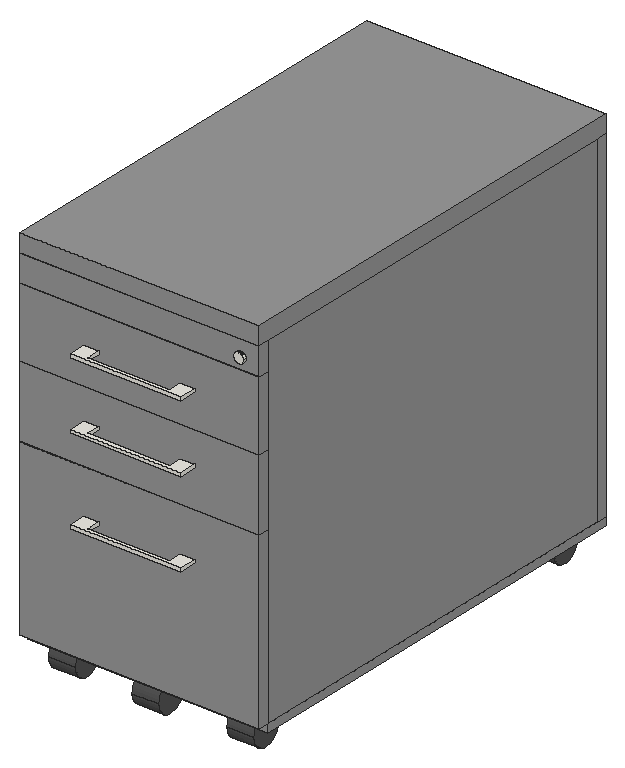
Revit family "Haworth_Epure_Pedestal_DeskHeightIndependent_EU_PRELIMINARY", category Furniture, Revit 2019
Family settings
  OmniClass Number = 23.40.70.14.64.11
  OmniClass Title = Office Furniture
  Work Plane-Based = No
  Always vertical = Yes
  Cut with Voids When Loaded = No
  Shared = No
  Room Calculation Point = No
Parameters (values of type "3 Drawers with Pen Tray")
  without Pull = not(with Pull)  # no
  with Pull = and(or(Handle 1, Handle 2, Metal Handle))  # yes
  Warranty = "http://www.haworth.com/resources/product-info/warranties"
  URL - Product = "https://www.haworth.com/eu/en/products/office-desks/epure-01.html"
  Type Comments = ""
  URL = "https://www.haworth.com/eu/en.html"
  Trim Finish = Haworth _ Paint _ Smooth Plaster
  Squared Top = not(Rounded Top)  # yes
  Size = "Verify Final Dim.w/ Haworth"  # constant formula
  Simple Drawer = 32cm = yes
  Simple Drawer = 32 cm  # constant formula
  Rounded Top = no
  Revision Number = "1"  # constant formula
  Pen Drawer = 5cm = yes
  Pen Drawer = 5 cm  # constant formula
  Pedestal Finish [instance] = Haworth _ Laminate _ Undecided _ Pedestal
  Model = "EUHP08F3XX"  # constant formula
  Metal Handle = yes
  Manufacturer = "Haworth"  # constant formula
  Handle 2 = no
  Handle 1 = no
  Glide Finish = Haworth _ Polymer _ Black
  Front Finish [instance] = Haworth _ Laminate _ Undecided _ Pedestal
  Filing Drawer Large = 18 cm  # constant formula
  Filing Drawer = 19cm = no
  Filing Drawer = 16cm = no
  Filing Drawer = 13cm = yes
  Filing Drawer Medium = 12 cm  # constant formula
  Filing Drawer Small = 13 cm  # constant formula
  Filing Drawer = 12cm = yes
  Description = "Haworth - Epure - Desk Height Independent Pedestal"  # constant formula
  Author = "Haworth (Abd Rahman)"  # constant formula
  Assembly Code = "E2020200"
  Actual Width = 44.2 cm  # constant formula
  Actual Height = 73.1 cm  # constant formula
  Actual Depth = 80 cm  # constant formula
Types (2, lengths in cm): name | Trim Finish | Pen Drawer = 5cm | Metal Handle | Handle 2 | Filing Drawer = 16cm | Filing Drawer = 12cm
  3 Drawers without Pen Tray | Haworth _ Polymer _ Undecided | no | no | yes | yes | no
  3 Drawers with Pen Tray | Haworth _ Paint _ Smooth Plaster | yes | yes | no | no | yes
Reference planes (cm)
  plane 1 "Center F/B": y = 17.4526
  plane 2: z = 0
  plane 3 "Center L/R": x = 11.43
  plane 4 "Top": z = 73.1
  plane 5 "Left": x = -10.67
  plane 6 "Right": x = 33.53
  plane 7 "Back": y = 57.4526
  plane 8 "Front": y = -22.5474
  plane 9: y = -20.6474
  plane 10: y = 55.5526
  plane 11: x = 31.63
  plane 12: x = -8.77
  plane 13: z = 6.5
  plane 14: y = -9.9474
  plane 15: y = -17.9453
  plane 16: z = 2.7019
  plane 17: x = 8.53
  plane 18: x = 13.53
  plane 19: z = 38.5
  plane 20: y = 1.0707
  plane 21: y = 41.0346
  plane 22: z = 66.8423
  plane 23: y = -22.9792
  plane 24: z = 69.8
  plane 25: z = 54.5935
  plane 26: z = 38.5
  plane 27: x = 30.1375
  plane 28: z = 49.5935
  plane 29: z = 38.8
  plane 30: z = 64.8
  plane 31: z = 54.5935
  plane 32: y = 52.0393
  plane 33: y = -17.134
  plane 34: z = 2.7019
  plane 35: y = 52.0393
  plane 36: y = -17.134
  plane 37: z = 2.7019
  plane 38: z = 4.9511
  plane 39: z = 45.7511
  plane 40: z = 29.9979
  plane 41: z = 69.8
  plane 42: z = 64.8
  plane 43: z = 58.3
Forms (cm)
  Extrusion 1, solid, material "Haworth _ Laminate _ Undecided _ Pedestal" <- "Pedestal Finish"
    sketch origin (0, 0, 0) x (1, 0, 0) y (0, 1, 0)
      loop
        line (-10.67, 57.4526) -> (-10.67, 55.5526) -> (33.53, 55.5526) -> (33.53, 57.4526) -> (-10.67, 57.4526)
    from 6.5 to 69.8
  Extrusion 2, solid, material "Haworth _ Laminate _ Undecided _ Pedestal" <- "Pedestal Finish"
    sketch origin (0, 0, 0) x (1, 0, 0) y (0, 1, 0)
      loop
        line (-10.67, 55.5526) -> (-10.67, -20.6474) -> (33.53, -20.6474) -> (33.53, 55.5526) -> (-10.67, 55.5526)
    from 6.5 to 69.8
  Extrusion 3, solid, material "Haworth _ Polymer _ Black" <- "Glide Finish"
    sketch origin (11.43, 0, 0) x (0, 1, 0) y (0, 0, 1)
      loop
        circle (-17.9453, 2.7019) r 2.7
    from -2.9 to 2.1
  Extrusion 4, solid, material "Haworth _ Paint _ Smooth Plaster" <- "Trim Finish"
    sketch origin (18.4075, -22.5474, -2.4912) x (-1, 0, 0) y (0, 0, 1)
      loop
        circle (-11.73, 69.3336) r 0.92
    from -0.4319 to 0
  Extrusion 5, solid, material "Haworth _ Laminate _ Undecided _ Pedestal" <- "Pedestal Finish", visible <- "Squared Top"
    sketch origin (0, 0, 0) x (1, 0, 0) y (0, 1, 0)
      loop
        line (-10.67, 57.4526) -> (-10.67, -22.5474) -> (33.53, -22.5474) -> (33.53, 57.4526) -> (-10.67, 57.4526)
    from 69.8 to 73.1
  Extrusion 6, solid, material "Haworth _ Laminate _ Undecided _ Pedestal" <- "Front Finish", visible <- "Simple Drawer = 32cm"
    sketch origin (7, -22.5474, 0) x (-1, 0, 0) y (0, 0, 1)
      loop
        line (17.67, 38.5) -> (-26.53, 38.5) -> (-26.53, 6.5) -> (17.67, 6.5) -> (17.67, 38.5)
    from 0 to 1.9
  Extrusion 7, solid, material "Haworth _ Laminate _ Undecided _ Pedestal" <- "Front Finish", visible <- "Pen Drawer = 5cm"
    sketch origin (-6.5, -22.5474, 39.5444) x (-1, 0, 0) y (0, 0, 1)
      loop
        line (4.17, 30.2556) -> (-40.03, 30.2556) -> (-40.03, 25.2556) -> (4.17, 25.2556) -> (4.17, 30.2556)
    from 0 to 1.9
  Extrusion 8, solid, material "Haworth _ Laminate _ Undecided _ Pedestal" <- "Front Finish", visible <- "Filing Drawer = 13cm"
    sketch origin (33.9075, -22.5474, 26.6023) x (-1, 0, 0) y (0, 0, 1)
      loop
        line (44.5775, 25.1977) -> (0.3775, 25.1977) -> (0.3775, 11.9912) -> (44.5775, 11.9912) -> (44.5775, 25.1977)
    from 0 to 1.9
  Extrusion 9, solid, material "Haworth _ Polymer _ Black" <- "Glide Finish"
    sketch origin (27.531, 48.9846, 0) x (0, 1, 0) y (0, 0, -1)
      loop
        circle (3.0547, -2.7019) r 2.7
      loop
        circle (-66.1187, -2.7019) r 2.7
    from -2.9 to 2.1
  Extrusion 10, solid, material "Haworth _ Polymer _ Black" <- "Glide Finish"
    sketch origin (-4.671, 48.9846, 0) x (0, 1, 0) y (0, 0, 1)
      loop
        circle (3.0547, 2.7019) r 2.7
      loop
        circle (-66.1187, 2.7019) r 2.7
    from -2.9 to 2.1
  Extrusion 11, solid, material "Haworth _ Laminate _ Undecided _ Pedestal" <- "Pedestal Finish"
    sketch origin (18.4075, -22.5474, -2.4912) x (-1, 0, 0) y (0, 0, 1)
      loop
        line (29.0775, 8.9912) -> (-15.1225, 8.9912) -> (-15.1225, 7.4424) -> (29.0775, 7.4424) -> (29.0775, 8.9912)
    from 1.9 to 80
  Extrusion 12, solid, material "Haworth _ Laminate _ Undecided _ Pedestal" <- "Front Finish", visible <- "Filing Drawer = 16cm"
    sketch origin (26.9075, -22.5474, 39.8088) x (-1, 0, 0) y (0, 0, 1)
      loop
        line (37.5775, 29.9912) -> (-6.6225, 29.9912) -> (-6.6225, 11.9912) -> (37.5775, 11.9912) -> (37.5775, 29.9912)
    from 0 to 1.9
  Extrusion 13, solid, material "Haworth _ Laminate _ Undecided _ Pedestal" <- "Pedestal Finish", visible <- "Rounded Top"
    sketch origin (0, 0, 0) x (1, 0, 0) y (0, 1, 0)
      loop
        line (39.93, -16.8224) -> (39.93, 53.6276)
        arc (39.93, 53.6276) -> (38.1726, 57.8703) -> (33.93, 59.6276) r 6
        line (33.93, 59.6276) -> (-11.07, 59.6276)
        arc (-11.07, 59.6276) -> (-15.3126, 57.8703) -> (-17.07, 53.6276) r 6
        line (-17.07, 53.6276) -> (-17.07, -16.8224)
        arc (-17.07, -16.8224) -> (-15.3126, -21.065) -> (-11.07, -22.8224) r 6
        line (-11.07, -22.8224) -> (33.93, -22.8224)
        arc (33.93, -22.8224) -> (38.1726, -21.065) -> (39.93, -16.8224) r 6
    from 69.8 to 73.1
  Extrusion 14, solid, material "Haworth _ Laminate _ Undecided _ Pedestal" <- "Front Finish", visible <- "Filing Drawer = 12cm"
    sketch origin (15.9075, -22.5474, 39.8088) x (-1, 0, 0) y (0, 0, 1)
      loop
        line (26.5775, 24.9912) -> (-17.6225, 24.9912) -> (-17.6225, 11.9912) -> (26.5775, 11.9912) -> (26.5775, 24.9912)
    from 0 to 1.9
Lines and regions (cm)
  Masking region 1
    outline origin (0, 0, 0) x (1, 0, 0) y (0, 1, 0)
      loop
        line (-10.67, 57.4526) -> (-10.67, -22.5474) -> (33.53, -22.5474) -> (33.53, 57.4526) -> (-10.67, 57.4526)
      loop
        line (-8.77, 55.5526) -> (-8.77, -20.6474) -> (31.63, -20.6474) -> (31.63, 55.5526) -> (-8.77, 55.5526)
  Masking region 2, visible <- "Rounded Top"
    outline origin (0, 0, 0) x (1, 0, 0) y (0, 1, 0)
      loop
        line (39.93, -16.8224) -> (39.93, 53.6276)
        arc (39.93, 53.6276) -> (38.1726, 57.8703) -> (33.93, 59.6276) r 6
        line (33.93, 59.6276) -> (-11.07, 59.6276)
        arc (-11.07, 59.6276) -> (-15.3126, 57.8703) -> (-17.07, 53.6276) r 6
        line (-17.07, 53.6276) -> (-17.07, -16.8224)
        arc (-17.07, -16.8224) -> (-15.3126, -21.065) -> (-11.07, -22.8224) r 6
        line (-11.07, -22.8224) -> (33.93, -22.8224)
        arc (33.93, -22.8224) -> (38.1726, -21.065) -> (39.93, -16.8224) r 6
Dimensions and locks (cm)
  equal spacing: plane 7 "Back", plane 1 "Center F/B", plane 8 "Front"
  "Actual Depth": plane 7 "Back" to plane 8 "Front"
  equal spacing: plane 5 "Left", plane 3 "Center L/R", plane 6 "Right"
  "Actual Width": plane 5 "Left" to plane 6 "Right"
  locked: plane 9 to plane 8 "Front" at 1.9
  plane 10 to plane 7 "Back" = 1.9 cm
  locked: plane 11 to plane 6 "Right" at 1.9
  locked: plane 5 "Left" to plane 12 at 1.9
  locked: plane 9 to plane 14 at 10.7
  locked: plane 8 "Front" to plane 15 at 4.602
  locked: plane 2 to plane 16 at 2.7019
  plane 18 to plane 3 "Center L/R" to plane 17 = 2.1 cm locked, 2.9 cm locked
  locked: plane 7 "Back" to plane 21 at 16.418
  locked: plane 8 "Front" to plane 20 at 23.6181
  plane 4 "Top" to plane 22 = 6.2577 cm
  locked: plane 23 to plane 8 "Front" at 0.4319
  locked: plane 13 to plane 2 at 6.5
  "Actual Height": plane 4 "Top" to plane 2
  locked: plane 4 "Top" to plane 24 at 3.3
  "Simple Drawer": plane 26 to plane 13
  "Pen Drawer": Extrusion 7 sketch curve to Extrusion 7 sketch curve
  locked: plane 4 "Top" to plane 22 at 6.2577
  locked: plane 27 to plane 6 "Right" at 3.3925
  "Simple Drawer": plane 19 to plane 13
  plane 29 to plane 19 = 0.3 cm
  locked: plane 32 to plane 7 "Back" at 5.4133
  locked: plane 8 "Front" to plane 33 at 5.4133
  locked: plane 2 to plane 34 at 2.7019
  locked: plane 2 to plane 37 at 2.7019
  locked: plane 35 to plane 7 "Back" at 5.4133
  locked: plane 8 "Front" to plane 36 at 5.4133
  "Pen Drawer": plane 24 to plane 30
  "Filing Drawer Large": plane 41 to Extrusion 8
  "Filing Drawer Small": plane 42 to Extrusion 12
  plane 2 to plane 40 to plane 39 to plane 43 = 29.9979 cm locked, 15.7533 cm locked, 12.5489 cm locked
  aligned and locked: Extrusion 1 sketch curve to plane 10
  aligned and locked: Extrusion 1 sketch curve to plane 6 "Right"
  aligned and locked: Extrusion 1 sketch curve to plane 7 "Back"
  aligned and locked: plane 5 "Left" to Extrusion 1 sketch curve
  aligned and locked: plane 13 to Extrusion 1
  aligned and locked: plane 10 to Extrusion 2 sketch curve
  aligned and locked: plane 9 to Extrusion 2 sketch curve
  aligned and locked: plane 15 to Extrusion 3 sketch curve
  aligned and locked: plane 16 to Extrusion 3 sketch curve
  aligned and locked: Extrusion 3 to plane 17
  aligned and locked: plane 18 to Extrusion 3
  aligned and locked: plane 22 to Extrusion 4 sketch curve
  aligned and locked: plane 8 "Front" to Extrusion 4
  aligned and locked: plane 23 to Extrusion 4
  aligned and locked: Masking region 1 sketch curve to plane 6 "Right"
  aligned and locked: Masking region 1 sketch curve to plane 7 "Back"
  aligned and locked: plane 5 "Left" to Masking region 1 sketch curve
  aligned and locked: plane 8 "Front" to Masking region 1 sketch curve
  aligned and locked: Masking region 1 sketch curve to plane 11
  aligned and locked: plane 9 to Masking region 1 sketch curve
  aligned and locked: Masking region 1 sketch curve to plane 12
  aligned and locked: plane 10 to Masking region 1 sketch curve
  aligned and locked: plane 13 to Extrusion 2
  aligned and locked: Extrusion 2 sketch curve to plane 6 "Right"
  aligned and locked: plane 5 "Left" to Extrusion 2 sketch curve
  aligned and locked: Extrusion 5 sketch curve to plane 6 "Right"
  aligned and locked: Extrusion 5 sketch curve to plane 7 "Back"
  aligned and locked: plane 5 "Left" to Extrusion 5 sketch curve
  aligned and locked: plane 8 "Front" to Extrusion 5 sketch curve
  aligned and locked: Extrusion 5 to plane 24
  aligned and locked: plane 4 "Top" to Extrusion 5
  aligned and locked: plane 9 to Extrusion 7
  aligned and locked: plane 9 to Extrusion 6
  aligned and locked: plane 27 to Extrusion 4 sketch curve
  aligned and locked: plane 32 to Extrusion 9 sketch curve
  aligned and locked: Extrusion 9 sketch curve to plane 33
  aligned and locked: plane 34 to Extrusion 9 sketch curve  (x2)
  aligned and locked: plane 35 to Extrusion 10 sketch curve
  aligned and locked: Extrusion 10 sketch curve to plane 36
  aligned and locked: plane 37 to Extrusion 10 sketch curve
  aligned and locked: Extrusion 10 sketch curve to plane 37
  aligned and locked: Extrusion 11 sketch curve to plane 38
  aligned and locked: Extrusion 11 sketch curve to plane 6 "Right"
  aligned and locked: plane 13 to Extrusion 11 sketch curve
  aligned and locked: plane 5 "Left" to Extrusion 11 sketch curve
  aligned and locked: plane 7 "Back" to Extrusion 11
  aligned and locked: Extrusion 11 to plane 9
  aligned and locked: plane 3 "Center L/R" to nested 4
  aligned and locked: plane 3 "Center L/R" to nested 3
  aligned and locked: plane 3 "Center L/R" to nested 1
  aligned and locked: plane 3 "Center L/R" to nested 2
  aligned and locked: nested 4 to plane 8 "Front"
  aligned and locked: nested 3 to plane 8 "Front"
  aligned and locked: nested 1 to plane 8 "Front"
  aligned and locked: nested 2 to plane 40
  aligned and locked: nested 4 to plane 39
  aligned and locked: nested 3 to plane 39
  aligned and locked: nested 1 to plane 39
  aligned and locked: plane 6 "Right" to Extrusion 8
  aligned and locked: Extrusion 8 to plane 5 "Left"
  aligned and locked: plane 6 "Right" to Extrusion 7
  aligned and locked: Extrusion 7 to plane 5 "Left"
  aligned and locked: Extrusion 6 to plane 5 "Left"
  aligned and locked: plane 6 "Right" to Extrusion 6
  aligned and locked: plane 24 to Extrusion 1
  aligned and locked: plane 24 to Extrusion 2
  aligned and locked: Extrusion 7 to plane 30
  aligned and locked: plane 24 to Extrusion 7
  aligned and locked: Extrusion 12 sketch curve to plane 41
  aligned and locked: Extrusion 13 to plane 24
  aligned and locked: plane 4 "Top" to Extrusion 13
  aligned and locked: Extrusion 14 sketch curve to plane 42
  aligned and locked: nested 2 to plane 8 "Front"
  aligned and locked: nested 7 to plane 43
  aligned and locked: nested 6 to plane 43
  aligned and locked: nested 5 to plane 43
  aligned and locked: Masking region 2 sketch curve to Extrusion 13  (x2)
  aligned and locked: plane 6 "Right" to Extrusion 12
  aligned and locked: plane 6 "Right" to Extrusion 14
  aligned and locked: Extrusion 12 to plane 5 "Left"
  aligned and locked: Extrusion 14 to plane 5 "Left"
Automatic sketch dimensions
  Extrusion 8 sketch curve to plane 6 "Right" = 0 cm
  Extrusion 8 sketch curve to plane 5 "Left" = 0 cm
  plane 19 to Extrusion 8 sketch curve = 0.0935 cm
  plane 28 to Extrusion 8 sketch curve = 2.2065 cm
  plane 10 to Extrusion 13 sketch curve = 1.925 cm
  Extrusion 13 sketch curve to plane 5 "Left" = 6.4 cm
  Extrusion 13 sketch curve to plane 5 "Left" = 0.4 cm  (x2)
  plane 6 "Right" to Extrusion 13 sketch curve = 0.4 cm  (x2)
  Extrusion 13 sketch curve to Extrusion 13 sketch curve = 6 cm
  plane 9 to Extrusion 13 sketch curve = 3.825 cm
  Masking region 2 sketch curve to plane 5 "Left" = 0.4 cm
  plane 6 "Right" to Masking region 2 sketch curve = 0.4 cm  (x2)
  Masking region 2 sketch curve to Masking region 2 sketch curve = 6 cm
  plane 9 to Masking region 2 sketch curve = 3.825 cm
  Extrusion 6 sketch curve to plane 6 "Right" = 0 cm
  Extrusion 6 sketch curve to plane 5 "Left" = 0 cm
  Extrusion 6 sketch curve to plane 13 = 0 cm
  Extrusion 6 sketch curve to plane 19 = 0 cm
  Extrusion 7 sketch curve to plane 6 "Right" = 0 cm
  Extrusion 7 sketch curve to plane 5 "Left" = 0 cm
  Extrusion 7 sketch curve to plane 30 = 0 cm
  Extrusion 12 sketch curve to plane 6 "Right" = 0 cm
  Extrusion 12 sketch curve to plane 5 "Left" = 0 cm
  plane 28 to Extrusion 12 sketch curve = 2.2065 cm
  Extrusion 14 sketch curve to plane 6 "Right" = 0 cm
  Extrusion 14 sketch curve to plane 5 "Left" = 0 cm
  plane 28 to Extrusion 14 sketch curve = 2.2065 cm
  radius of Extrusion 3 sketch curve = 2.7 cm
  radius of Extrusion 4 sketch curve = 0.92 cm
  radius of Extrusion 9 sketch curve = 2.7 cm  (x2)
  radius of Extrusion 10 sketch curve = 2.7 cm  (x2)
Nested families (cm)
  nested 1: "Haworth_Epure_Storage_Drawer-Pulls" at (11.43, -22.5474, 45.7511), visible <- "Filing Drawer = 19cm", type "Pull"
    with Handle 2 no, Handle 1 no
  nested 2: "Haworth_Epure_Storage_Drawer-Pulls" at (11.43, -22.5474, 29.9979), visible <- "Simple Drawer = 32cm", type "Pull"
    with Handle 2 no, Handle 1 no
  nested 3: "Haworth_Epure_Storage_Drawer-Pulls" at (11.43, -22.5474, 45.7511), visible <- "Filing Drawer = 13cm", type "Pull"
    with Handle 2 no, Handle 1 no
  nested 4: "Haworth_Epure_Storage_Drawer-Pulls" at (11.43, -22.5474, 45.7511), visible <- "Filing Drawer = 16cm", type "Pull"
    with Handle 2 no, Handle 1 no
  nested 5: "Haworth_Epure_Storage_Drawer-Pulls" at (11.43, -22.5474, 58.3), visible <- "Filing Drawer = 19cm", type "Pull"
    with Handle 2 no, Handle 1 no
  nested 6: "Haworth_Epure_Storage_Drawer-Pulls" at (11.43, -22.5474, 58.3), visible <- "Filing Drawer = 13cm", type "Pull"
    with Handle 2 no, Handle 1 no
  nested 7: "Haworth_Epure_Storage_Drawer-Pulls" at (11.43, -22.5474, 58.3), visible <- "Filing Drawer = 16cm", type "Pull"
    with Handle 2 no, Handle 1 no
Definition of nested family "Haworth_Epure_Storage_Drawer-Pulls"
  Parameters (values of type "Pull")
    Metal = yes
    Handle Finish = none
    Handle 2 = yes
    Handle 1 = yes
    Assembly Code = ""
  Reference planes (cm)
    plane 1 "Center Front/Back": y = 0
    plane 2: z = 0
    plane 3 "Center Left/Right": x = 0
    plane 4: x = -13
    plane 5: x = 13
  Forms (cm)
    Extrusion 1, solid, material <- "Handle Finish", visible <- "Metal"
      sketch origin (0, 0, 0.3175) x (1, 0, 0) y (0, 1, 0)
        loop
          line (-10.16, 0) -> (-10.16, -3.175) -> (10.16, -3.175) -> (10.16, 0) -> (7.62, 0) -> (7.62, -2.54) -> (-7.62, -2.54) -> (-7.62, 0) -> (-10.16, 0)
      from 0 to -0.635
    Extrusion 2, solid, material <- "Handle Finish", visible <- "Handle 2"
      sketch origin (249.8674, 48.2327, -47.4662) x (0, 1, 0) y (0, 0, 1)
        loop
          line (-48.2327, 48.4836) -> (-50.2327, 48.4836) -> (-50.2327, 46.4836) -> (-49.8327, 46.4836) -> (-49.8327, 47.4836) -> (-48.2327, 47.4836) -> (-48.2327, 48.4836)
      from -256.9674 to -242.7674
    Extrusion 3, solid, material <- "Handle Finish", visible <- "Handle 1"
      sketch origin (-80.1326, 48.2327, -18.6172) x (1, 0, 0) y (0, 1, 0)
        loop
          line (72.9326, -50.7327) -> (87.3326, -50.7327)
          arc (87.3326, -50.7327) -> (87.6861, -50.5862) -> (87.8326, -50.2327) r 0.5
          line (87.8326, -50.2327) -> (87.8326, -48.7327)
          arc (87.8326, -48.7327) -> (87.6861, -48.3791) -> (87.3326, -48.2327) r 0.5
          line (87.3326, -48.2327) -> (72.9326, -48.2327)
          arc (72.9326, -48.2327) -> (72.579, -48.3791) -> (72.4326, -48.7327) r 0.5
          line (72.4326, -48.7327) -> (72.4326, -50.2327)
          arc (72.4326, -50.2327) -> (72.579, -50.5862) -> (72.9326, -50.7327) r 0.5
      from 18.1935 to 19.0935
